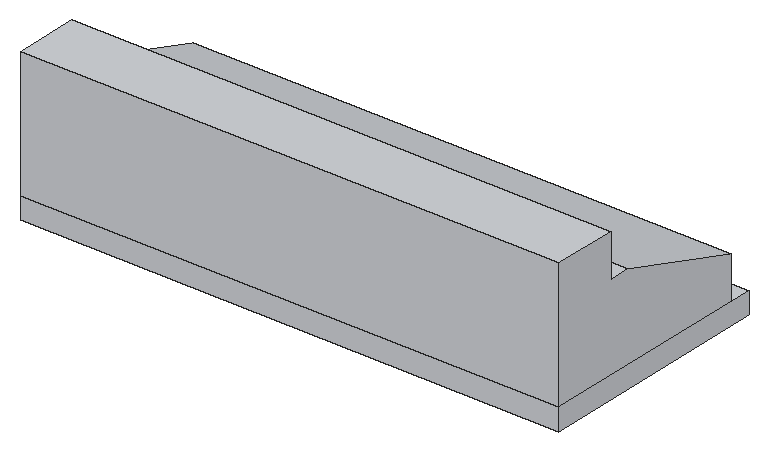
Revit family "@BS-Mong Bang Lech Tam", category Structural Framing, Revit 2023
Family settings
  Section Shape = Not Defined
  Material for Model Behavior = Other
  Always export as geometry = No
  OmniClass Number = 23.25.30.11.14.14
  OmniClass Title = Beams
  Always vertical = Yes
  Cut with Voids When Loaded = No
  Symbolic Representation = From Family
  Shared = No
  Show family pre-cut in plan views = Yes
Parameters (values of type "@TN-Mong bang lech tam")
  VL móng = none
  VL BT lót = none
  Length [instance] = 3000 mm
  Chiều rộng đáy móng = 1000 mm
  Chiều rộng dầm móng = 300 mm
  Chiều cao móng = 600 mm
  Chiều cao bậc 2 = 200 mm
  Chiều cao bậc 1 = 200 mm
Reference planes
  plane 1 "Center (Front/Back)": y = 0
  plane 2 "Center Elevation": z = 0
  plane 3 "Center (Left/Right)": x = 0
  plane 4 "Left": x = -1500
  plane 5 "Member Left": x = -1250
  plane 6 "Stick Symbol Left": x = -1000
  plane 7 "Right": x = 1500
  plane 8 "Member Right": x = 1250
  plane 9 "Stick Symbol Right": x = 1000
  plane 10: z = -600
  plane 11: z = -700
  plane 12: z = -400
  plane 13: z = -200
  plane 14: y = -150
  plane 15: y = 150
  plane 16: y = 850
  plane 17: y = 950
  plane 18: y = 250
Forms (mm)
  Sweep 1, solid, material <- "VL móng"
    path origin (0, 0, 0) x (1, 0, 0) y (0, 1, 0)
      loop
        line (-1250, 0) -> (1250, 0)
    profile origin (0, 0, 0) x (0, 1, 0) y (0, 0, 1)
      loop
        line (150, 0) -> (-150, 0) -> (-150, -400) -> (850, -400) -> (250, -200) -> (150, -200) -> (150, 0)
  Sweep 2, solid, material <- "VL BT lót"
    path origin (0, 0, 0) x (1, 0, 0) y (0, 1, 0)
      loop
        line (-1250, 0) -> (1250, 0)
    profile origin (0, 0, 0) x (0, 1, 0) y (0, 0, 1)
      loop
        line (950, -600) -> (-150, -600) -> (-150, -700) -> (950, -700) -> (950, -600)
  Sweep 3, solid, material <- "VL móng"
    path origin (0, 0, 0) x (1, 0, 0) y (0, 1, 0)
      loop
        line (-1250, 0) -> (1250, 0)
    profile origin (0, 0, 0) x (0, 1, 0) y (0, 0, 1)
      loop
        line (850, -400) -> (-150, -400) -> (-150, -600) -> (850, -600) -> (850, -400)
Cuts and joins
  joined: Sweep 1, Sweep 3
Lines and regions (mm)
  model lines, style "Stick Symbols", detail levels coarse
    curve 1: line (-1000, 0, 0) -> (1000, 0, 0)
Dimensions and locks
  equal spacing: plane 4 "Left", plane 3 "Center (Left/Right)", plane 7 "Right"
  "Length": plane 4 "Left" to plane 7 "Right"
  equal spacing: plane 15, plane 1 "Center (Front/Back)", plane 14
  "Chiều rộng dầm móng": plane 15 to plane 14
  "Chiều cao móng": plane 2 "Center Elevation" to plane 10
  "Chiều cao bậc 1": plane 12 to plane 10
  "Chiều cao bậc 2": plane 13 to plane 12
  locked: plane 18 to plane 15 at 100
  "Chiều rộng đáy móng": plane 16 to plane 14
  locked: plane 17 to plane 16 at 100
  locked: plane 10 to plane 11 at 100
  aligned and locked: plane 1 "Center (Front/Back)" to curve 1
  aligned and locked: plane 6 "Stick Symbol Left" to curve 1
  aligned and locked: plane 9 "Stick Symbol Right" to curve 1
  aligned and locked: level to plane 2 "Center Elevation"
  aligned and locked: plane 1 "Center (Front/Back)" to Sweep 1 sketch curve
  aligned and locked: plane 15 to Sweep 1 sketch curve
  aligned and locked: Sweep 1 sketch curve to plane 14
  aligned and locked: Sweep 1 sketch curve to plane 2 "Center Elevation"
  aligned and locked: plane 1 "Center (Front/Back)" to Sweep 2 sketch curve
  aligned and locked: plane 10 to Sweep 2 sketch curve
  aligned and locked: Sweep 2 sketch curve to plane 17
  aligned and locked: Sweep 2 sketch curve to plane 11
  aligned and locked: plane 14 to Sweep 2 sketch curve
  aligned and locked: Sweep 1 sketch curve to plane 13
  aligned and locked: plane 12 to Sweep 1 sketch curve
  aligned and locked: plane 1 "Center (Front/Back)" to Sweep 3 sketch curve
  aligned and locked: Sweep 3 sketch curve to Sweep 1
  aligned and locked: Sweep 3 sketch curve to Sweep 2
  aligned and locked: plane 16 to Sweep 3 sketch curve
  aligned and locked: plane 10 to Sweep 3 sketch curve
  aligned and locked: plane 16 to Sweep 1 sketch curve
Automatic sketch dimensions
  Sweep 1 sketch curve to plane 5 "Member Left" = 0 mm
  Sweep 1 sketch curve to plane 8 "Member Right" = 0 mm
  Sweep 2 sketch curve to plane 5 "Member Left" = 0 mm
  Sweep 2 sketch curve to plane 8 "Member Right" = 0 mm
  Sweep 1 sketch curve to Sweep 1 sketch curve = 100 mm
  Sweep 3 sketch curve to plane 5 "Member Left" = 0 mm
  Sweep 3 sketch curve to plane 8 "Member Right" = 0 mm
